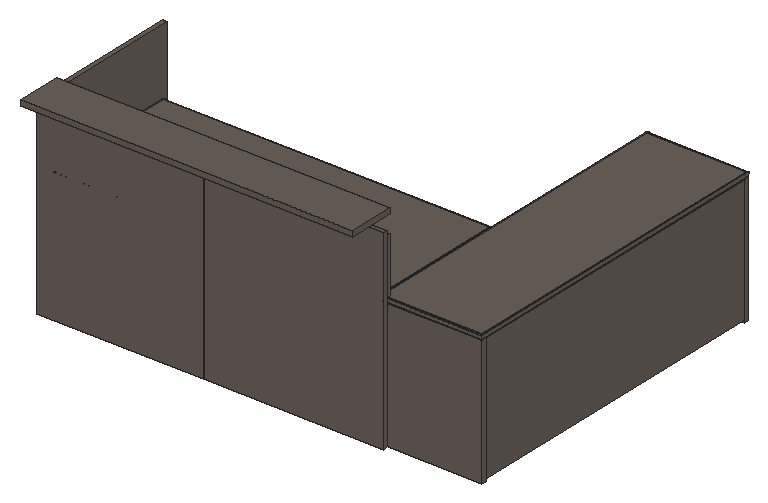
Revit family "OFS TYPICAL T100184", category Furniture, Revit 2022 (continued)
Definition of nested family "STAKS WORKSURFACE HEIGHT MULTI FILE PEDESTAL - NO RISER SUPPORT"
  Forms (in)
    Extrusion 17, solid, material <- "Drawer Handle Material", visible <- "LDL"
      sketch origin (21.66998, -2.56097, 20.23287) x (1, 0, 0) y (0, 1, 0)
        loop
          line (4.05713, 3.18632) -> (4.05713, 2.18632) -> (9.55713, 2.18632) -> (9.55713, 3.18632) -> (9.18213, 3.18632) -> (9.18213, 2.37382) -> (4.43213, 2.37382) -> (4.43213, 3.18632) -> (4.05713, 3.18632)
      from 0.04813 to 0.51713
    Extrusion 18, solid, material <- "Drawer Material", visible <- "LDL"
      sketch origin (24.41461, 28.53949, -8.13862) x (0, 1, 0) y (0, 0, 1)
        loop
          line (-27.91414, 36.01362) -> (-27.91414, 22.51362) -> (-27.16414, 22.51362) -> (-27.16414, 36.01362) -> (-27.91414, 36.01362)
      from -18.375 to -3.5
    Extrusion 19, solid, material <- "Drawer Material", visible <- "LDR"
      sketch origin (46.20051, 28.53949, -5.07681) x (0, 1, 0) y (0, 0, 1)
        loop
          line (-27.91414, 32.95181) -> (-27.91414, 19.45181) -> (-27.16414, 19.45181) -> (-27.16414, 32.95181) -> (-27.91414, 32.95181)
      from -25.1609 to -10.2864
  Dimensions and locks (in)
    "Board Thickness": plane 13 to plane 12
    locked: plane 11 to plane 14 at 0.0625
    "Board Thickness": plane 11 to plane 16
    locked: plane 15 to plane 18 at 0.063
    "Width": plane 11 to plane 18
    Extrusion 6 sketch curve to plane 18 = 0.75"
    "Board Thickness": plane 19 to plane 18
    equal spacing: plane 11, plane 2 "Right", plane 18
    locked: plane 20 to plane 21 at 0.375
    locked: plane 23 to plane 22 at 0.375
    equal spacing: plane 20, plane 2 "Right", plane 22
    "Drawer Handle Width": plane 20 to plane 22
    plane 25 to plane 24 to plane 13 = 0.1875" locked, 0.8125" locked
    "Riser Support": plane 6 to level
    "Height": plane 3 to plane 6
    "DH1": plane 4 to plane 6
    "DH2": plane 26 to plane 4
    locked: plane 30 to plane 6 at 0.25
    "Board Thickness": plane 31 to plane 17
    "Depth": plane 13 to plane 17
    plane 4 to plane 5 to plane 7 to plane 9 = 0.125" locked, 0.25" locked, 0.469" locked
    plane 26 to plane 27 to plane 28 to plane 29 = 0.125" locked, 0.25" locked, 0.469" locked
    plane 3 to plane 8 to plane 10 = 0.25" locked, 0.46875" locked
    "Board Thickness": plane 32 to plane 6
    plane 12 to plane 34 to plane 35 = 3.00" locked, 4.00" locked
    plane 36 to plane 33 to plane 31 = 4.00" locked, 2.50" locked
    locked: plane 34 to plane 37 at 0.625
    locked: plane 36 to plane 38 at 0.625
    locked: plane 39 to plane 3 at 0.125
    plane 40 to plane 2 "Right" to plane 41 = 0.0625" locked, 0.0625" locked
    locked: plane 46 to plane 43 at 0.375
    locked: plane 44 to plane 45 at 0.375
    "Drawer Handle Width 2": plane 44 to plane 43
    locked: plane 51 to plane 48 at 0.375
    locked: plane 49 to plane 50 at 0.375
    "Drawer Handle Width 2": plane 49 to plane 48
    equal spacing: plane 44, plane 42, plane 43
    equal spacing: plane 48, plane 47, plane 49
    equal spacing: plane 14, plane 42, plane 2 "Right"
    equal spacing: plane 2 "Right", plane 47, plane 18
    aligned and locked: level to plane 1
    aligned and locked: Extrusion 1 to plane 14
    aligned and locked: plane 15 to Extrusion 1
    aligned and locked: Extrusion 2 to plane 12
    aligned and locked: plane 13 to Extrusion 2
    aligned and locked: Extrusion 2 to plane 14
    aligned and locked: plane 12 to Extrusion 3
    aligned and locked: Extrusion 3 to plane 17
    aligned and locked: Extrusion 4 to plane 16
    aligned and locked: plane 16 to Extrusion 3
    aligned and locked: Extrusion 3 to plane 11
    aligned and locked: Extrusion 4 to plane 17
    aligned and locked: Extrusion 1 sketch curve to plane 12
    aligned and locked: plane 13 to Extrusion 1 sketch curve
    aligned and locked: plane 19 to Extrusion 4
    aligned and locked: plane 3 to Extrusion 3
    aligned and locked: Extrusion 5 to plane 22
    aligned and locked: plane 23 to Extrusion 5
    aligned and locked: plane 21 to Extrusion 5
    aligned and locked: Extrusion 5 to plane 20
    aligned and locked: plane 7 to Extrusion 5
    aligned and locked: Extrusion 5 to plane 9
    aligned and locked: plane 3 to Extrusion 4
    aligned and locked: plane 27 to Extrusion 2
    aligned and locked: Extrusion 1 to plane 30
    aligned and locked: Extrusion 7 to plane 26
    aligned and locked: plane 3 to Extrusion 7
    aligned and locked: Extrusion 6 to plane 19
    aligned and locked: Extrusion 7 to plane 14
    aligned and locked: plane 3 to Extrusion 6
    aligned and locked: Extrusion 6 to plane 6
    aligned and locked: plane 3 to Extrusion 8
    aligned and locked: Extrusion 8 to plane 10
    aligned and locked: plane 19 to Extrusion 8
    aligned and locked: Extrusion 8 to plane 16
    aligned and locked: Extrusion 8 to plane 33
    aligned and locked: plane 36 to Extrusion 8
    aligned and locked: plane 34 to Extrusion 9
    aligned and locked: Extrusion 9 to plane 35
    aligned and locked: plane 3 to Extrusion 9
    aligned and locked: Extrusion 9 to plane 10
    aligned and locked: plane 32 to Extrusion 10
    aligned and locked: Extrusion 10 to plane 6
    aligned and locked: Extrusion 10 to plane 31
    aligned and locked: plane 12 to Extrusion 10
    aligned and locked: plane 19 to Extrusion 10
    aligned and locked: Extrusion 10 to plane 16
    aligned and locked: Extrusion 11 to plane 3
    aligned and locked: plane 39 to Extrusion 11
    aligned and locked: plane 40 to Extrusion 7
    aligned and locked: plane 40 to Extrusion 2
    aligned and locked: plane 41 to Extrusion 13
    aligned and locked: plane 41 to Extrusion 12
    aligned and locked: Extrusion 13 to plane 26
    aligned and locked: plane 27 to Extrusion 12
    aligned and locked: plane 3 to Extrusion 13
    aligned and locked: Extrusion 12 to plane 4
    aligned and locked: plane 15 to Extrusion 12
    aligned and locked: plane 15 to Extrusion 13
    aligned and locked: Extrusion 14 to plane 45  (x2)
    aligned and locked: plane 44 to Extrusion 14
    aligned and locked: plane 46 to Extrusion 14
    aligned and locked: Extrusion 14 to plane 43
    aligned and locked: Extrusion 14 to plane 24
    aligned and locked: plane 25 to Extrusion 14
    aligned and locked: Extrusion 14 to plane 13  (x2)
    aligned and locked: Extrusion 15 to plane 13  (x2)
    aligned and locked: Extrusion 15 to plane 24
    aligned and locked: plane 25 to Extrusion 15
    aligned and locked: plane 48 to Extrusion 15
    aligned and locked: Extrusion 15 to plane 51
    aligned and locked: Extrusion 15 to plane 49
    aligned and locked: plane 50 to Extrusion 15
    aligned and locked: plane 8 to Extrusion 14
    aligned and locked: plane 8 to Extrusion 15
    aligned and locked: Extrusion 14 to plane 10
    aligned and locked: Extrusion 15 to plane 10
    aligned and locked: Extrusion 16 to plane 13  (x2)
    aligned and locked: Extrusion 17 to plane 13  (x2)
    aligned and locked: Extrusion 17 to plane 24
    aligned and locked: plane 25 to Extrusion 17
    aligned and locked: Extrusion 16 to plane 24
    aligned and locked: plane 25 to Extrusion 16
    aligned and locked: plane 44 to Extrusion 16
    aligned and locked: Extrusion 16 to plane 45
    aligned and locked: plane 46 to Extrusion 16
    aligned and locked: Extrusion 16 to plane 43
    aligned and locked: plane 48 to Extrusion 17
    aligned and locked: Extrusion 17 to plane 51
    aligned and locked: plane 50 to Extrusion 17
    aligned and locked: Extrusion 17 to plane 49
    aligned and locked: plane 28 to Extrusion 16
    aligned and locked: Extrusion 16 to plane 29
    aligned and locked: plane 28 to Extrusion 17
    aligned and locked: Extrusion 17 to plane 29
    aligned and locked: Extrusion 4 to plane 6
    aligned and locked: Extrusion 3 to plane 6
    aligned and locked: Extrusion 18 to plane 14
    aligned and locked: plane 40 to Extrusion 18
    aligned and locked: Extrusion 18 to plane 4
    aligned and locked: plane 41 to Extrusion 19
    aligned and locked: Extrusion 19 to plane 4
    aligned and locked: plane 15 to Extrusion 19
    aligned and locked: plane 3 to Extrusion 19
    aligned and locked: plane 3 to Extrusion 18
    aligned and locked: plane 13 to Extrusion 18
    aligned and locked: plane 13 to Extrusion 19
    aligned and locked: Extrusion 18 to plane 12
    aligned and locked: Extrusion 19 to plane 12
    aligned and locked: plane 12 to Extrusion 11  (x2)
  Automatic sketch dimensions
    Extrusion 1 sketch curve to plane 30 = 0.00"
    Extrusion 1 sketch curve to plane 5 = 0.00"
    Extrusion 2 sketch curve to plane 13 = 0.00"
    Extrusion 2 sketch curve to plane 4 = 0.00"
    Extrusion 2 sketch curve to plane 12 = 0.00"
    Extrusion 2 sketch curve to plane 27 = 0.00"
    Extrusion 3 sketch curve to plane 6 = 0.00"
    Extrusion 3 sketch curve to plane 11 = 0.00"
    Extrusion 3 sketch curve to plane 3 = 0.00"
    Extrusion 3 sketch curve to plane 16 = 0.00"
    Extrusion 4 sketch curve to plane 6 = 0.00"
    Extrusion 4 sketch curve to plane 3 = 0.00"
    Extrusion 4 sketch curve to plane 17 = 0.00"
    plane 31 to Extrusion 4 sketch curve = 0.00"
    plane 13 to Extrusion 5 sketch curve = 0.00"  (x2)
    Extrusion 5 sketch curve to plane 20 = 0.00"
    Extrusion 5 sketch curve to plane 21 = 0.00"
    Extrusion 5 sketch curve to plane 23 = 0.00"
    Extrusion 5 sketch curve to plane 22 = 0.00"
    plane 25 to Extrusion 5 sketch curve = 0.00"
    plane 24 to Extrusion 5 sketch curve = 0.00"
    plane 12 to Extrusion 6 sketch curve = 0.00"
    Extrusion 6 sketch curve to plane 18 = 0.00"
    plane 17 to Extrusion 6 sketch curve = 0.00"
    Extrusion 7 sketch curve to plane 3 = 0.00"
    Extrusion 7 sketch curve to plane 13 = 0.00"
    Extrusion 7 sketch curve to plane 12 = 0.00"
    Extrusion 7 sketch curve to plane 26 = 0.00"
    Extrusion 8 sketch curve to plane 10 = 0.00"
    Extrusion 8 sketch curve to plane 16 = 0.00"
    Extrusion 8 sketch curve to plane 3 = 0.00"
    Extrusion 8 sketch curve to plane 19 = 0.00"
    Extrusion 9 sketch curve to plane 10 = 0.00"
    Extrusion 9 sketch curve to plane 16 = 0.00"
    Extrusion 9 sketch curve to plane 3 = 0.00"
    Extrusion 9 sketch curve to plane 19 = 0.00"
    Extrusion 10 sketch curve to plane 6 = 0.00"
    Extrusion 10 sketch curve to plane 16 = 0.00"
    Extrusion 10 sketch curve to plane 19 = 0.00"
    Extrusion 10 sketch curve to plane 32 = 0.00"
    Extrusion 11 sketch curve to plane 14 = 0.00"
    Extrusion 11 sketch curve to plane 16 = 0.00"  (x3)
    Extrusion 11 sketch curve to plane 19 = 0.00"  (x3)
    plane 17 to Extrusion 11 sketch curve = 0.00"  (x2)
    Extrusion 11 sketch curve to plane 13 = 0.75"  (x2)
    Extrusion 11 sketch curve to plane 15 = 0.00"
    plane 34 to Extrusion 11 sketch curve = 0.00"
    plane 37 to Extrusion 11 sketch curve = 0.00"
    plane 36 to Extrusion 11 sketch curve = 0.00"
    plane 38 to Extrusion 11 sketch curve = 0.00"
    Extrusion 12 sketch curve to plane 13 = 0.00"
    plane 4 to Extrusion 12 sketch curve = 0.00"
    Extrusion 12 sketch curve to plane 12 = 0.00"
    plane 27 to Extrusion 12 sketch curve = 0.00"
    plane 3 to Extrusion 13 sketch curve = 0.00"
    Extrusion 13 sketch curve to plane 13 = 0.00"
    Extrusion 13 sketch curve to plane 12 = 0.00"
    plane 26 to Extrusion 13 sketch curve = 0.00"
    plane 13 to Extrusion 14 sketch curve = 0.00"  (x2)
    Extrusion 14 sketch curve to plane 44 = 0.00"
    Extrusion 14 sketch curve to plane 45 = 0.00"
    plane 24 to Extrusion 14 sketch curve = 0.00"
    Extrusion 14 sketch curve to plane 46 = 0.00"
    Extrusion 14 sketch curve to plane 43 = 0.00"
    plane 25 to Extrusion 14 sketch curve = 0.00"
    plane 13 to Extrusion 15 sketch curve = 0.00"  (x2)
    Extrusion 15 sketch curve to plane 48 = 0.00"
    Extrusion 15 sketch curve to plane 51 = 0.00"
    plane 24 to Extrusion 15 sketch curve = 0.00"
    Extrusion 15 sketch curve to plane 50 = 0.00"
    Extrusion 15 sketch curve to plane 49 = 0.00"
    plane 25 to Extrusion 15 sketch curve = 0.00"
    plane 13 to Extrusion 16 sketch curve = 0.00"  (x2)
    Extrusion 16 sketch curve to plane 44 = 0.00"
    Extrusion 16 sketch curve to plane 45 = 0.00"
    plane 24 to Extrusion 16 sketch curve = 0.00"
    Extrusion 16 sketch curve to plane 46 = 0.00"
    Extrusion 16 sketch curve to plane 43 = 0.00"
    plane 25 to Extrusion 16 sketch curve = 0.00"
    plane 13 to Extrusion 17 sketch curve = 0.00"  (x2)
    Extrusion 17 sketch curve to plane 48 = 0.00"
    Extrusion 17 sketch curve to plane 51 = 0.00"
    plane 24 to Extrusion 17 sketch curve = 0.00"
    Extrusion 17 sketch curve to plane 50 = 0.00"
    Extrusion 17 sketch curve to plane 49 = 0.00"
    plane 25 to Extrusion 17 sketch curve = 0.00"
    plane 36 to Extrusion 18 sketch curve = 12.125"
    plane 4 to Extrusion 18 sketch curve = 0.00"
    Extrusion 18 sketch curve to Extrusion 18 sketch curve = 0.75"
    plane 26 to Extrusion 18 sketch curve = 6.75"
    plane 36 to Extrusion 19 sketch curve = 12.125"
    Extrusion 19 sketch curve to plane 29 = 5.906"
    Extrusion 19 sketch curve to Extrusion 19 sketch curve = 0.75"
    plane 10 to Extrusion 19 sketch curve = 0.71875"
Definition of nested family "STAKS SPINE OR DIVIDER WALL 42in"
  Parameters (values of type "STAKS SPINE OR DIVIDER WALL 42in X 24in")
    URL = "http://www.ofs.com/"
    Height Above Floor [instance] = 42.00"
    Height = 42.00"
    Depth = 1.00"
    Model = "6-PAN-42/24"
    Manufacturer = "OFS"
    Description = "OFS STAKS SPINE OR DIVIDER WALL 42\" Height x 24\" Width, Levelers allow 2.5\" Height Adjustability for Uneven Floor"
    Width = 24.00"
    Default Elevation = 0.00"
    Copyright © = "© 2018 OFS"
    Catalog = "https://ofs.com/products/casegoods/private-office/staks"
    Authoring Version = "Autodesk Revit Architecture 2013"
    Assembly Code = "E2020200"
  Types (19): name | Model | Description | Width
    STAKS SPINE OR DIVIDER WALL 42in X 24in | "6-PAN-42/24" | "OFS STAKS SPINE OR DIVIDER WALL 42\" Height x 24\" Width, Levelers allow 2.5\" Height Adjustability for Uneven Floor" | 24.00"
    STAKS SPINE OR DIVIDER WALL 42in X 33in | "6-PAN-42/33" | "OFS STAKS SPINE OR DIVIDER WALL 42\" Height x 33\" Width, Levelers allow 2.5\" Height Adjustability for Uneven Floor" | 33.00"
    STAKS SPINE OR DIVIDER WALL 42in X 26in | "6-PAN-42/26" | "OFS STAKS SPINE OR DIVIDER WALL 42\" Height x 26\" Width, Levelers allow 2.5\" Height Adjustability for Uneven Floor" | 26.00"
    STAKS SPINE OR DIVIDER WALL 42in X 30in | "6-PAN-42/30" | "OFS STAKS SPINE OR DIVIDER WALL 42\" Height x 30\" Width, Levelers allow 2.5\" Height Adjustability for Uneven Floor" | 30.00"
    STAKS SPINE OR DIVIDER WALL 42in X 36in | "6-PAN-42/36" | "OFS STAKS SPINE OR DIVIDER WALL 42\" Height x 36\" Width, Levelers allow 2.5\" Height Adjustability for Uneven Floor" | 36.00"
    STAKS SPINE OR DIVIDER WALL 42in X 37in | "6-PAN-42/37" | "OFS STAKS SPINE OR DIVIDER WALL 42\" Height x 37\" Width, Levelers allow 2.5\" Height Adjustability for Uneven Floor" | 37.00"
    STAKS SPINE OR DIVIDER WALL 42in X 39in | "6-PAN-42/39" | "OFS STAKS SPINE OR DIVIDER WALL 42\" Height x 39\" Width, Levelers allow 2.5\" Height Adjustability for Uneven Floor" | 39.00"
    STAKS SPINE OR DIVIDER WALL 42in X 40in | "6-PAN-42/40" | "OFS STAKS SPINE OR DIVIDER WALL 42\" Height x 40\" Width, Levelers allow 2.5\" Height Adjustability for Uneven Floor" | 40.00"
    STAKS SPINE OR DIVIDER WALL 42in X 42in | "6-PAN-42/42" | "OFS STAKS SPINE OR DIVIDER WALL 42\" Height x 42\" Width, Levelers allow 2.5\" Height Adjustability for Uneven Floor" | 42.00"
    STAKS SPINE OR DIVIDER WALL 42in X 44in | "6-PAN-42/44" | "OFS STAKS SPINE OR DIVIDER WALL 42\" Height x 44\" Width, Levelers allow 2.5\" Height Adjustability for Uneven Floor" | 44.00"
    STAKS SPINE OR DIVIDER WALL 42in X 45in | "6-PAN-42/45" | "OFS STAKS SPINE OR DIVIDER WALL 42\" Height x 45\" Width, Levelers allow 2.5\" Height Adjustability for Uneven Floor" | 45.00"
    STAKS SPINE OR DIVIDER WALL 42in X 47in | "6-PAN-42/47" | "OFS STAKS SPINE OR DIVIDER WALL 42\" Height x 47\" Width, Levelers allow 2.5\" Height Adjustability for Uneven Floor" | 47.00"
    STAKS SPINE OR DIVIDER WALL 42in X 48in | "6-PAN-42/48" | "OFS STAKS SPINE OR DIVIDER WALL 42\" Height x 48\" Width, Levelers allow 2.5\" Height Adjustability for Uneven Floor" | 48.00"
    STAKS SPINE OR DIVIDER WALL 42in X 49in | "6-PAN-42/49" | "OFS STAKS SPINE OR DIVIDER WALL 42\" Height x 49\" Width, Levelers allow 2.5\" Height Adjustability for Uneven Floor" | 49.00"
    STAKS SPINE OR DIVIDER WALL 42in X 52in | "6-PAN-42/52" | "OFS STAKS SPINE OR DIVIDER WALL 42\" Height x 52\" Width, Levelers allow 2.5\" Height Adjustability for Uneven Floor" | 52.00"
    STAKS SPINE OR DIVIDER WALL 42in X 54in | "6-PAN-42/54" | "OFS STAKS SPINE OR DIVIDER WALL 42\" Height x 54\" Width, Levelers allow 2.5\" Height Adjustability for Uneven Floor" | 54.00"
    STAKS SPINE OR DIVIDER WALL 42in X 56in | "6-PAN-42/56" | "OFS STAKS SPINE OR DIVIDER WALL 42\" Height x 56\" Width, Levelers allow 2.5\" Height Adjustability for Uneven Floor" | 56.00"
    STAKS SPINE OR DIVIDER WALL 42in X 58in | "6-PAN-42/58" | "OFS STAKS SPINE OR DIVIDER WALL 42\" Height x 58\" Width, Levelers allow 2.5\" Height Adjustability for Uneven Floor" | 58.00"
    STAKS SPINE OR DIVIDER WALL 42in X 59in | "6-PAN-42/59" | "OFS STAKS SPINE OR DIVIDER WALL 42\" Height x 59\" Width, Levelers allow 2.5\" Height Adjustability for Uneven Floor" | 59.00"
  Reference planes (in)
    plane 1: z = -0.125
    plane 2 "LEFT": x = 7.55498
    plane 3 "RIGHT": x = 31.55498
    plane 4 "BACK": y = -1.83365
    plane 5 "FRONT": y = -2.83365
    plane 6: x = 7.67998
    plane 7: x = 31.42998
    plane 8: y = -1.95865
    plane 9: y = -2.70865
    plane 10: z = -0.125
    plane 11 "SURFACE TOP": z = 41.875
  Forms (in)
    Extrusion 1, solid
      sketch origin (0, 0, 17.125) x (-1, 0, 0) y (0, -1, 0)
        loop
          line (-7.55498, 1.83365) -> (-7.55498, 2.83365) -> (-31.55498, 2.83365) -> (-31.55498, 1.83365) -> (-7.55498, 1.83365)
      from 24.75 to -17.25
  Lines and regions (in)
    symbolic lines
      curve 1: line (7.55498, -1.83365, 41.875) -> (31.55498, -1.83365, 41.875)
      curve 2: line (7.55498, -2.83365, 41.875) -> (7.55498, -1.83365, 41.875)
      curve 3: line (31.55498, -2.83365, 41.875) -> (7.55498, -2.83365, 41.875)
      curve 4: line (31.55498, -1.83365, 41.875) -> (31.55498, -2.83365, 41.875)
  Dimensions and locks (in)
    "Depth": plane 4 "BACK" to plane 5 "FRONT"
    "Width": plane 2 "LEFT" to plane 3 "RIGHT"
    "Height": plane 11 "SURFACE TOP" to plane 10
    locked: plane 4 "BACK" to plane 8 at 0.125
    locked: plane 2 "LEFT" to plane 6 at 0.125
    locked: plane 7 to plane 3 "RIGHT" at 0.125
    locked: plane 9 to plane 5 "FRONT" at 0.125
    "Height Above Floor": plane 11 "SURFACE TOP" to level
    aligned: level to plane 1
    aligned and locked: plane 11 "SURFACE TOP" to Extrusion 1
    aligned and locked: Extrusion 1 to plane 10
    aligned and locked: plane 4 "BACK" to Extrusion 1 sketch curve
    aligned and locked: Extrusion 1 sketch curve to plane 2 "LEFT"
    aligned and locked: Extrusion 1 sketch curve to plane 5 "FRONT"
    aligned and locked: plane 3 "RIGHT" to Extrusion 1 sketch curve
    aligned and locked: curve 1 to Extrusion 1
    aligned and locked: curve 2 to Extrusion 1
    aligned and locked: curve 3 to Extrusion 1
    aligned and locked: curve 4 to Extrusion 1
Definition of nested family "STAKS TRANSACTION SHELF"
  Parameters (values of type "STAKS TRANSACTION SHELF 30in")
    Width = 30.00"
    URL = "http://www.ofs.com/"
    Model = "6-TRS-30/10"
    Manufacturer = "OFS"
    Height From Floor = 48.625"
    Height = 1.125"
    Description = "OFS STAKS TRANSACTION SHELF 30\" Width, to Provide a Quick Transition to Reception Applications"
    Depth = 10.00"
    Default Elevation = 0.00"
    Copyright © = "© 2018 OFS"
    Catalog = "https://ofs.com/products/casegoods/private-office/staks"
    Shelf Material = none
    Authoring Version = "Autodesk Revit Architecture 2013"
    Assembly Code = "E2020200"
  Types (11): name | Width | Model | Description
    STAKS TRANSACTION SHELF 30in | 30.00" | "6-TRS-30/10" | "OFS STAKS TRANSACTION SHELF 30\" Width, to Provide a Quick Transition to Reception Applications"
    STAKS TRANSACTION SHELF 36in | 36.00" | "6-TRS-36/10" | "OFS STAKS TRANSACTION SHELF 36\" Width, to Provide a Quick Transition to Reception Applications"
    STAKS TRANSACTION SHELF 42in | 42.00" | "6-TRS-42/10" | "OFS STAKS TRANSACTION SHELF 42\" Width, to Provide a Quick Transition to Reception Applications"
    STAKS TRANSACTION SHELF 46in | 46.00" | "6-TRS-46/10" | "OFS STAKS TRANSACTION SHELF 46\" Width, to Provide a Quick Transition to Reception Applications"
    STAKS TRANSACTION SHELF 48in | 48.00" | "6-TRS-48/10" | "OFS STAKS TRANSACTION SHELF 48\" Width, to Provide a Quick Transition to Reception Applications"
    STAKS TRANSACTION SHELF 54in | 54.00" | "6-TRS-54/10" | "OFS STAKS TRANSACTION SHELF 54\" Width, to Provide a Quick Transition to Reception Applications"
    STAKS TRANSACTION SHELF 60in | 60.00" | "6-TRS-60/10" | "OFS STAKS TRANSACTION SHELF 60\" Width, to Provide a Quick Transition to Reception Applications"
    STAKS TRANSACTION SHELF 66in | 66.00" | "6-TRS-66/10" | "OFS STAKS TRANSACTION SHELF 66\" Width, to Provide a Quick Transition to Reception Applications"
    STAKS TRANSACTION SHELF 72in | 72.00" | "6-TRS-72/10" | "OFS STAKS TRANSACTION SHELF 72\" Width, to Provide a Quick Transition to Reception Applications"
    STAKS TRANSACTION SHELF 78in | 78.00" | "6-TRS-78/10" | "OFS STAKS TRANSACTION SHELF 78\" Width, to Provide a Quick Transition to Reception Applications"
    STAKS TRANSACTION SHELF 84in | 84.00" | "6-TRS-84/10" | "OFS STAKS TRANSACTION SHELF 84\" Width, to Provide a Quick Transition to Reception Applications"
  Reference planes (in)
    plane 1: z = 0
    plane 2 "Center (Front/Back)": y = -2.12465
    plane 3 "LEFT": x = -31.5
    plane 4 "BASE TOP": z = 48.625
    plane 5 "RIGHT": x = -1.5
    plane 6: z = 47.5
    plane 7: y = 2.87535
    plane 8 "CENTER": x = -16.5
    plane 9: y = -7.12465
  Forms (in)
    Extrusion 1, solid, material <- "Shelf Material"
      sketch origin (0, -2.12465, 0) x (1, 0, 0) y (0, 0, 1)
        loop
          line (-31.5, 48.625) -> (-31.5, 47.5) -> (-1.5, 47.5) -> (-1.5, 48.625) -> (-31.5, 48.625)
      from -5 to 5
  Dimensions and locks (in)
    "Height From Floor": plane 4 "BASE TOP" to plane 1
    "Height": plane 4 "BASE TOP" to plane 6
    equal spacing: plane 3 "LEFT", plane 8 "CENTER", plane 5 "RIGHT"
    equal spacing: plane 9, plane 2 "Center (Front/Back)", plane 7
    "Width": plane 3 "LEFT" to plane 5 "RIGHT"
    "Depth": plane 9 to plane 7
    aligned and locked: level to plane 1
    aligned and locked: Extrusion 1 sketch curve to plane 4 "BASE TOP"
    aligned and locked: plane 3 "LEFT" to Extrusion 1 sketch curve
    aligned and locked: Extrusion 1 sketch curve to plane 6
    aligned and locked: Extrusion 1 sketch curve to plane 5 "RIGHT"
    aligned and locked: Extrusion 1 to plane 7
    aligned and locked: plane 9 to Extrusion 1
Definition of nested family "STAKS BENCHING 4 X 4 CLAMP PLATE"
  Parameters (values of type "STAKS BENCHING 4 X 4 CLAMP PLATE")
    Width = 4.00"
    URL = "http://www.ofs.com/"
    Model = "CP-1"
    Manufacturer = "OFS"
    Height From Floor = 27.875"
    Height = 0.125"
    Description = "OFS STAKS BENCHING 4 X 4 CLAMP PLATE, Adjoins Two Worksurfaces at Seam on Underneath Side of Worksurface"
    Depth = 4.00"
    Default Elevation = 0.00"
    Copyright © = "© 2018 OFS"
    Catalog = "https://ofs.com/products/open-plan/benching/staks"
    Bracket Material = none
    Authoring Version = "Autodesk Revit Architecture 2013"
    Assembly Code = "E2020200"
  Reference planes (in)
    plane 1: z = 0
    plane 2 "Center (Front/Back)": y = 2.0316
    plane 3 "LEFT": x = -18.5
    plane 4 "BASE TOP": z = 27.875
    plane 5 "RIGHT": x = -14.5
    plane 6: z = 27.75
    plane 7: y = 4.0316
    plane 8 "CENTER": x = -16.5
    plane 9: y = 0.0316
  Forms (in)
    Extrusion 1, solid
      sketch origin (0, 0, 0) x (1, 0, 0) y (0, 1, 0)
        loop
          arc (-18.25, 4.0316) -> (-18.42678, 3.95838) -> (-18.5, 3.7816) r 0.25
          line (-18.5, 3.7816) -> (-18.5, 0.2816)
          arc (-18.5, 0.2816) -> (-18.42678, 0.10482) -> (-18.25, 0.0316) r 0.25
          line (-18.25, 0.0316) -> (-14.75, 0.0316)
          arc (-14.75, 0.0316) -> (-14.57322, 0.10482) -> (-14.5, 0.2816) r 0.25
          line (-14.5, 0.2816) -> (-14.5, 3.7816)
          arc (-14.5, 3.7816) -> (-14.57322, 3.95838) -> (-14.75, 4.0316) r 0.25
          line (-14.75, 4.0316) -> (-18.25, 4.0316)
        loop
          circle (-18.1778, 3.7094) r 0.09375
        loop
          circle (-17.73948, 3.27108) r 0.09375
        loop
          circle (-18.1778, 0.35379) r 0.09375
        loop
          circle (-17.73948, 0.79212) r 0.09375
        loop
          circle (-14.8222, 0.35379) r 0.09375
        loop
          circle (-15.26052, 0.79212) r 0.09375
        loop
          circle (-14.8222, 3.7094) r 0.09375
        loop
          circle (-15.26052, 3.27108) r 0.09375
      from 27.75 to 27.875
  Dimensions and locks (in)
    "Height From Floor": plane 4 "BASE TOP" to plane 1
    "Height": plane 4 "BASE TOP" to plane 6
    equal spacing: plane 3 "LEFT", plane 8 "CENTER", plane 5 "RIGHT"
    equal spacing: plane 9, plane 2 "Center (Front/Back)", plane 7
    "Width": plane 3 "LEFT" to plane 5 "RIGHT"
    "Depth": plane 9 to plane 7
    aligned and locked: level to plane 1
    aligned and locked: plane 7 to Extrusion 1 sketch curve
    aligned and locked: plane 3 "LEFT" to Extrusion 1 sketch curve
    aligned and locked: Extrusion 1 sketch curve to plane 9
    aligned and locked: Extrusion 1 sketch curve to plane 5 "RIGHT"
    aligned and locked: Extrusion 1 to plane 4 "BASE TOP"
    aligned and locked: plane 6 to Extrusion 1
  Automatic sketch dimensions
    plane 3 "LEFT" to Extrusion 1 sketch curve = 0.25"  (x2)
    Extrusion 1 sketch curve to plane 9 = 0.25"
    Extrusion 1 sketch curve to plane 5 "RIGHT" = 0.25"
    Extrusion 1 sketch curve to Extrusion 1 sketch curve = 0.0722"  (x8)
    Extrusion 1 sketch curve to Extrusion 1 sketch curve = 0.43833"  (x4)
    Extrusion 1 sketch curve to Extrusion 1 sketch curve = 0.51052"  (x4)
    radius of Extrusion 1 sketch curve = 0.09375"  (x8)
Definition of nested family "STAKS FABRIC TACKBOARD FOR SPINE OR DIVIDER WALL"
  Parameters (values of type "STAKS FABRIC TACKBOARD FOR SPINE OR DIVIDER WALL 18H x 49-73.9375W.")
    URL = "http://www.ofs.com/"
    Staks Fabric Tackboard = none
    Height Above Floor [instance] = 47.50"
    Height = 18.00"
    Depth = 0.50"
    Model = "FT30E"
    Manufacturer = "OFS"
    Description = "OFS STAKS FABRIC TACKBOARD FOR SPINE OR DIVIDER WALL 18\" Height X 49\" - 73.9375\" Width, Any Width in 1/8\" Increments available within Ranges Shown"
    Width = 72.00"
    Default Elevation = 0.00"
    Copyright © = "© 2018 OFS"
    Catalog = "https://ofs.com/products/casegoods/private-office/staks"
    Authoring Version = "Autodesk Revit Architecture 2013"
    Assembly Code = "E2020200"
  Reference planes (in)
    plane 1: z = -0.125
    plane 2 "LEFT": x = 7.55498
    plane 3 "RIGHT": x = 79.55498
    plane 4 "BACK": y = -1.83365
    plane 5 "FRONT": y = -2.33365
    plane 6: x = 7.67998
    plane 7: x = 79.42998
    plane 8: y = -1.95865
    plane 9: y = -2.20865
    plane 10: z = 29.375
    plane 11 "SURFACE TOP": z = 47.375
  Forms (in)
    Extrusion 1, solid, material <- "Staks Fabric Tackboard"
      sketch origin (0, 0, 17.125) x (-1, 0, 0) y (0, -1, 0)
        loop
          line (-7.55498, 1.83365) -> (-7.55498, 2.33365) -> (-79.55498, 2.33365) -> (-79.55498, 1.83365) -> (-7.55498, 1.83365)
      from 30.25 to 12.25
  Dimensions and locks (in)
    "Depth": plane 4 "BACK" to plane 5 "FRONT"
    "Width": plane 2 "LEFT" to plane 3 "RIGHT"
    "Height": plane 11 "SURFACE TOP" to plane 10
    locked: plane 4 "BACK" to plane 8 at 0.125
    locked: plane 2 "LEFT" to plane 6 at 0.125
    locked: plane 7 to plane 3 "RIGHT" at 0.125
    locked: plane 9 to plane 5 "FRONT" at 0.125
    "Height Above Floor": plane 11 "SURFACE TOP" to level
    aligned: level to plane 1
    aligned and locked: plane 11 "SURFACE TOP" to Extrusion 1
    aligned and locked: Extrusion 1 to plane 10
    aligned and locked: plane 4 "BACK" to Extrusion 1 sketch curve
    aligned and locked: Extrusion 1 sketch curve to plane 2 "LEFT"
    aligned and locked: Extrusion 1 sketch curve to plane 5 "FRONT"
    aligned and locked: plane 3 "RIGHT" to Extrusion 1 sketch curve
Definition of nested family "STAKS BENCHING CANTILEVER WORKSURFACE BRACKET - OPEN"
  Parameters (values of type "STAKS CANTILEVER WORKSURFACE BRACKET - OPEN 36in")
    Width = 1.50"
    URL = "http://www.ofs.com/"
    Model = "OWSBKT36"
    Manufacturer = "OFS"
    Height From Floor = 27.875"
    Height = 7.00"
    Description = "OFS STAKS BENCHING CANTILEVER WORKSURFACE BRACKET - Open Cantilever Worksurface Bracket for 36\"W Top"
    Depth = 28.00"
    Default Elevation = 0.00"
    Copyright © = "© 2018 OFS"
    Catalog = "https://ofs.com/products/open-plan/benching/staks"
    Bracket Material = none
    Authoring Version = "Autodesk Revit Architecture 2013"
    Assembly Code = "E2020200"
    Alpha = 1.00"
  Types (4): name | URL | Model | Manufacturer | Description | Depth | Copyright © | Catalog | Alpha
    CANTILEVER WORKSURFACE BRACKET - OPEN 14in | "http://www.ofsbrands.com/" | "OWSBKT14" | "FIRST OFFICE" | "OFS BRANDS FIRST OFFICE STAKS BENCHING CANTILEVER WORKSURFACE BRACKET - Open Cantilever Worksurface Bracket for 14\"W Top" | 11.00" | "© 2018 OFS BRANDS" | "http://www.firstoffice.com/products/crossover/staks_benching/" | 0.50"
    CANTILEVER WORKSURFACE BRACKET - OPEN 22in | "http://www.ofsbrands.com/" | "OWSBKT22" | "FIRST OFFICE" | "OFS BRANDS FIRST OFFICE STAKS BENCHING CANTILEVER WORKSURFACE BRACKET - Open Cantilever Worksurface Bracket for 22\"W Top" | 16.00" | "© 2018 OFS BRANDS" | "http://www.firstoffice.com/products/crossover/staks_benching/" | 0.625"
    CANTILEVER WORKSURFACE BRACKET - OPEN 30in | "http://www.ofsbrands.com/" | "OWSBKT30" | "FIRST OFFICE" | "OFS BRANDS FIRST OFFICE STAKS BENCHING CANTILEVER WORKSURFACE BRACKET - Open Cantilever Worksurface Bracket for 30\"W Top" | 22.00" | "© 2018 OFS BRANDS" | "http://www.firstoffice.com/products/crossover/staks_benching/" | 0.875"
    STAKS CANTILEVER WORKSURFACE BRACKET - OPEN 36in | "http://www.ofs.com/" | "OWSBKT36" | "OFS" | "OFS STAKS BENCHING CANTILEVER WORKSURFACE BRACKET - Open Cantilever Worksurface Bracket for 36\"W Top" | 28.00" | "© 2018 OFS" | "https://ofs.com/products/open-plan/benching/staks" | 1.00"
  Reference planes (in)
    plane 1: z = 0
    plane 2 "Center (Front/Back)": y = -11.12465
    plane 3 "LEFT": x = -17.25
    plane 4 "BASE TOP": z = 27.875
    plane 5 "RIGHT": x = -15.75
    plane 6: z = 20.875
    plane 7: y = 2.87535
    plane 8 "CENTER": x = -16.5
    plane 9: y = -25.12465
    plane 10: z = 25.875
    plane 11: y = 0.87535
    plane 12: z = 21.375
    plane 13: y = -24.62465
    plane 14: x = -16.375
    plane 15: x = -16.625
    plane 16: y = -23.62465
  Forms (in)
    Extrusion 1, solid, material <- "Bracket Material"
      sketch origin (-16.5, 0, 0) x (0, 1, 0) y (0, 0, 1)
        loop
          line (-25.12465, 27.875) -> (-25.12465, 27.82031) -> (0.8527, 27.82031) -> (2.82066, 25.85235) -> (2.82066, 20.875) -> (2.87535, 20.875) -> (2.87535, 25.875) -> (0.87535, 27.875) -> (-25.12465, 27.875)
      from -0.75 to 0.75
    Extrusion 2, solid
      sketch origin (-16.5, 0, 0) x (0, 1, 0) y (0, 0, 1)
        loop
          line (2.82066, 21.375) -> (2.82066, 21.66876) -> (-23.62465, 27.82031) -> (-24.62465, 27.82031) -> (2.82066, 21.375)
      from -0.125 to 0.125
    Extrusion 3, void
      sketch origin (0, -11.12465, 0) x (1, 0, 0) y (0, 0, 1)
        loop
          circle (-16.99183, 23.37543) r 0.09375
        loop
          circle (-16.99183, 25.56923) r 0.09375
        loop
          circle (-16.99183, 21.18077) r 0.09375
        loop
          line (-16.10192, 24.58008) -> (-16.10192, 24.41381)
          arc (-16.10192, 24.41381) -> (-16.00817, 24.32006) -> (-15.91442, 24.41381) r 0.09375
          line (-15.91442, 24.41381) -> (-15.91442, 24.58008)
          arc (-15.91442, 24.58008) -> (-16.00817, 24.67383) -> (-16.10192, 24.58008) r 0.09375
        loop
          arc (-16.10192, 22.16992) -> (-16.00817, 22.07617) -> (-15.91442, 22.16992) r 0.09375
          line (-15.91442, 22.16992) -> (-15.91442, 22.33619)
          arc (-15.91442, 22.33619) -> (-16.00817, 22.42994) -> (-16.10192, 22.33619) r 0.09375
          line (-16.10192, 22.33619) -> (-16.10192, 22.16992)
      from -14 to -3.47735
    Extrusion 4, void
      sketch origin (0, 0, 0) x (1, 0, 0) y (0, 1, 0)
        loop
          circle (-16.93617, 0.25038) r 0.09375
        loop
          circle (-16.06383, -1.74962) r 0.09375
        loop
          circle (-16.93617, -3.74962) r 0.09375
        loop
          circle (-16.06383, -5.74962) r 0.09375
        loop
          circle (-16.93617, -7.74962) r 0.09375
        loop
          circle (-16.06383, -9.74962) r 0.09375
        loop
          circle (-16.93617, -11.74962) r 0.09375
        loop
          circle (-16.06383, -13.74962) r 0.09375
        loop
          circle (-16.93617, -15.74962) r 0.09375
        loop
          circle (-16.06383, -17.74962) r 0.09375
        loop
          circle (-16.93617, -19.74962) r 0.09375
        loop
          circle (-16.06383, -21.74962) r 0.09375
        loop
          circle (-16.93617, -23.74962) r 0.09375
        loop
          circle (-16.06383, -25.74962) r 0.09375
        loop
          circle (-16.93617, -27.74962) r 0.09375
        loop
          circle (-16.06383, -29.74962) r 0.09375
      from 25.0365 to 29.23009
    Extrusion 5, void, not visible
      sketch origin (0, 0, 0) x (1, 0, 0) y (0, 1, 0)
        loop
          circle (-16.93617, 0.25038) r 0.09375
        loop
          circle (-16.06383, -1.74962) r 0.09375
        loop
          circle (-16.93617, -3.74962) r 0.09375
        loop
          circle (-16.06383, -5.74962) r 0.09375
        loop
          circle (-16.93617, -7.74962) r 0.09375
        loop
          circle (-16.06383, -9.74962) r 0.09375
        loop
          circle (-16.93617, -11.74962) r 0.09375
        loop
          circle (-16.06383, -13.74962) r 0.09375
        loop
          circle (-16.93617, -15.74962) r 0.09375
        loop
          circle (-16.06383, -17.74962) r 0.09375
        loop
          circle (-16.93617, -19.74962) r 0.09375
        loop
          circle (-16.06383, -21.74962) r 0.09375
        loop
          circle (-16.93617, -23.74962) r 0.09375
        loop
          circle (-16.06383, -25.74962) r 0.09375
        loop
          circle (-16.93617, -27.74962) r 0.09375
        loop
          circle (-16.06383, -29.74962) r 0.09375
      from 25.0365 to 29.23009
  Cuts and joins
    Extrusion 3, Extrusion 4 cuts Extrusion 1
  Dimensions and locks (in)
    "Height From Floor": plane 4 "BASE TOP" to plane 1
    "Height": plane 4 "BASE TOP" to plane 6
    equal spacing: plane 3 "LEFT", plane 8 "CENTER", plane 5 "RIGHT"
    equal spacing: plane 9, plane 2 "Center (Front/Back)", plane 7
    "Width": plane 3 "LEFT" to plane 5 "RIGHT"
    "Depth": plane 9 to plane 7
    locked: plane 4 "BASE TOP" to plane 10 at 2
    locked: plane 7 to plane 11 at 2
    locked: plane 13 to plane 9 at 0.5
    locked: plane 6 to plane 12 at 0.5
    plane 14 to plane 8 "CENTER" to plane 15 = 0.125" locked, 0.125" locked
    "Alpha": plane 16 to plane 13
    aligned and locked: level to plane 1
    aligned and locked: Extrusion 1 sketch curve to plane 4 "BASE TOP"
    aligned and locked: plane 7 to Extrusion 1 sketch curve
    aligned and locked: plane 9 to Extrusion 1 sketch curve
    aligned and locked: plane 6 to Extrusion 1 sketch curve
    aligned and locked: Extrusion 1 to plane 3 "LEFT"
    aligned and locked: plane 5 "RIGHT" to Extrusion 1
    aligned and locked: Extrusion 2 sketch curve to Extrusion 1
    aligned and locked: plane 15 to Extrusion 2
    aligned and locked: plane 14 to Extrusion 2
    aligned and locked: Extrusion 1 to Extrusion 2 sketch curve
    aligned and locked: Extrusion 3 to plane 7
  Automatic sketch dimensions
    plane 7 to Extrusion 1 sketch curve = 0.05469"
    Extrusion 1 sketch curve to plane 11 = 0.00"
    plane 10 to Extrusion 1 sketch curve = 0.00"
    plane 11 to Extrusion 1 sketch curve = 0.02265"
    plane 10 to Extrusion 1 sketch curve = 0.02265"
    plane 4 "BASE TOP" to Extrusion 1 sketch curve = 0.05469"
    Extrusion 2 sketch curve to plane 13 = 0.00"
    plane 12 to Extrusion 2 sketch curve = 0.00"
    Extrusion 2 sketch curve to plane 16 = 0.00"
    Extrusion 2 sketch curve to Extrusion 2 sketch curve = 0.29376"
    plane 14 to Extrusion 3 sketch curve = 0.27308"
    Extrusion 3 sketch curve to plane 5 "RIGHT" = 0.16442"  (x2)
    Extrusion 3 sketch curve to plane 12 = 0.79492"
    Extrusion 3 sketch curve to Extrusion 3 sketch curve = 0.1875"
    plane 3 "LEFT" to Extrusion 3 sketch curve = 0.25817"  (x3)
    Extrusion 3 sketch curve to Extrusion 3 sketch curve = 0.16626"  (x2)
    plane 10 to Extrusion 3 sketch curve = 1.46119"
    plane 12 to Extrusion 3 sketch curve = 0.19423"
    Extrusion 3 sketch curve to Extrusion 3 sketch curve = 1.03838"
    plane 10 to Extrusion 3 sketch curve = 0.30577"
    Extrusion 4 sketch curve to Extrusion 4 sketch curve = 2.00"  (x15)
    Extrusion 4 sketch curve to Extrusion 4 sketch curve = 0.00"  (x7)
    Extrusion 4 sketch curve to Extrusion 4 sketch curve = 0.87233"  (x8)
    Extrusion 5 sketch curve to Extrusion 5 sketch curve = 2.00"  (x15)
    Extrusion 5 sketch curve to Extrusion 5 sketch curve = 0.00"  (x7)
    Extrusion 5 sketch curve to Extrusion 5 sketch curve = 0.87233"  (x8)
    radius of Extrusion 3 sketch curve = 0.09375"  (x3)
    radius of Extrusion 4 sketch curve = 0.09375"  (x16)
    radius of Extrusion 5 sketch curve = 0.09375"  (x16)
Definition of nested family "STAKS BENCHING PRESS FIT BRACKET"
  Parameters (values of type "STAKS BENCHING PRESS FIT BRACKET")
    Width = 7.125"
    URL = "http://www.ofs.com/"
    Model = "PFBKT-1"
    Manufacturer = "OFS"
    Height From Floor = 27.875"
    Height = 3.00"
    Gap = 1.00"
    Description = "OFS STAKS BENCHING PRESS FIT BRACKET, Supports Shared Organizers, Shared Shelves or Transaction Tops on Spine or Divider Wall Panels Without Defacing the Panel Faces"
    Depth = 2.00"
    Default Elevation = 0.00"
    Copyright © = "© 2018 OFS"
    Catalog = "https://ofs.com/products/open-plan/benching/staks"
    Bracket Material = none
    Authoring Version = "Autodesk Revit Architecture 2013"
    Assembly Code = "E2020200"
  Reference planes (in)
    plane 1: z = 0
    plane 2 "Center (Front/Back)": y = 1.87535
    plane 3 "LEFT": x = -20.0625
    plane 4 "BASE TOP": z = 27.875
    plane 5 "RIGHT": x = -12.9375
    plane 6: z = 24.875
    plane 7: y = 2.87535
    plane 8 "CENTER": x = -16.5
    plane 9: y = 0.87535
    plane 10: y = 1.25035
    plane 11: x = -16
    plane 12: x = -17
  Forms (in)
    Extrusion 1, solid, material <- "Bracket Material"
      sketch origin (0, 1.87535, 0) x (1, 0, 0) y (0, 0, 1)
        loop
          line (-17, 24.875) -> (-17, 27.375) -> (-16.82031, 27.375)
          arc (-16.82031, 27.375) -> (-16.59934, 27.46653) -> (-16.50781, 27.6875) r 0.3125
          line (-16.50781, 27.6875) -> (-16.50781, 27.875) -> (-20.0625, 27.875) -> (-20.0625, 27.375) -> (-17.75, 27.375)
          arc (-17.75, 27.375) -> (-17.39645, 27.22855) -> (-17.25, 26.875) r 0.5
          line (-17.25, 26.875) -> (-17.25, 24.875) -> (-17, 24.875)
        loop
          line (-12.9375, 27.875) -> (-16.49219, 27.875) -> (-16.49219, 27.6875)
          arc (-16.49219, 27.6875) -> (-16.40066, 27.46653) -> (-16.17969, 27.375) r 0.3125
          line (-16.17969, 27.375) -> (-16, 27.375) -> (-16, 24.875) -> (-15.75, 24.875) -> (-15.75, 26.875)
          arc (-15.75, 26.875) -> (-15.60355, 27.22855) -> (-15.25, 27.375) r 0.5
          line (-15.25, 27.375) -> (-12.9375, 27.375) -> (-12.9375, 27.875)
      from -1 to 1
    Extrusion 2, void
      sketch origin (0, 0, 0) x (1, 0, 0) y (0, 1, 0)
        loop
          line (-17, 0.87535) -> (-16, 0.87535) -> (-16, 1.37535) -> (-17, 1.37535) -> (-17, 0.87535)
        loop
          line (-17, 2.87535) -> (-17, 2.37535) -> (-16, 2.37535) -> (-16, 2.87535) -> (-17, 2.87535)
        loop
          circle (-19.48811, 1.37535) r 0.09375
        loop
          circle (-17.85526, 1.37535) r 0.09375
        loop
          circle (-13.51189, 1.37535) r 0.09375
        loop
          circle (-15.14474, 1.37535) r 0.09375
        loop
          circle (-19.48811, 2.37535) r 0.09375
        loop
          circle (-17.85526, 2.37535) r 0.09375
        loop
          circle (-13.51189, 2.37535) r 0.09375
        loop
          circle (-15.14474, 2.37535) r 0.09375
      from 24.875 to 27.875
    Extrusion 3, solid, material <- "Bracket Material"
      sketch origin (-16.5, 0, 0) x (0, 1, 0) y (0, 0, 1)
        loop
          circle (2.60972, 27.625) r 0.1875
        loop
          line (2.60972, 27.72544) -> (2.52274, 27.67522) -> (2.52274, 27.57478) -> (2.60972, 27.52456) -> (2.69671, 27.57478) -> (2.69671, 27.67522) -> (2.60972, 27.72544)
        loop
          circle (1.14097, 27.625) r 0.1875
        loop
          line (1.14097, 27.72544) -> (1.05399, 27.67522) -> (1.05399, 27.57478) -> (1.14097, 27.52456) -> (1.22796, 27.57478) -> (1.22796, 27.67522) -> (1.14097, 27.72544)
      from 3.5625 to 3.68034
    Extrusion 4, solid, material <- "Bracket Material"
      sketch origin (-16.5, 0, 0) x (0, 1, 0) y (0, 0, -1)
        loop
          circle (2.60972, -27.625) r 0.1875
        loop
          line (2.60972, -27.72544) -> (2.69671, -27.67522) -> (2.69671, -27.57478) -> (2.60972, -27.52456) -> (2.52274, -27.57478) -> (2.52274, -27.67522) -> (2.60972, -27.72544)
        loop
          circle (1.14097, -27.625) r 0.1875
        loop
          line (1.14097, -27.72544) -> (1.22796, -27.67522) -> (1.22796, -27.57478) -> (1.14097, -27.52456) -> (1.05399, -27.57478) -> (1.05399, -27.67522) -> (1.14097, -27.72544)
      from 3.5625 to 3.68034
    Extrusion 5, solid, material <- "Bracket Material"
      sketch origin (-16.5, 3.61007, 0) x (0, -1, 0) y (0, 0, -1)
        loop
          circle (2.4691, -27.625) r 0.09375
      from -0.5 to 0.5
    Extrusion 6, solid, material <- "Bracket Material"
      sketch origin (-16.5, 0.14063, 0) x (0, 1, 0) y (0, 0, 1)
        loop
          circle (2.4691, 27.625) r 0.09375
      from -0.5 to 0.5
    Extrusion 7, solid
      sketch origin (-16.5, 0, 0) x (0, 1, 0) y (0, 0, 1)
        loop
          line (2.37535, 26.875) -> (1.37535, 26.875) -> (1.37535, 25.375) -> (2.37535, 25.375) -> (2.37535, 26.875)
      from 0.40321 to 0.5
    Extrusion 8, solid
      sketch origin (-16.5, 0, 0) x (0, 1, 0) y (0, 0, -1)
        loop
          line (2.37535, -26.875) -> (2.37535, -25.375) -> (1.37535, -25.375) -> (1.37535, -26.875) -> (2.37535, -26.875)
      from 0.40321 to 0.5
  Cuts and joins
    Extrusion 2 cuts Extrusion 1
  Dimensions and locks (in)
    "Height From Floor": plane 4 "BASE TOP" to plane 1
    "Height": plane 4 "BASE TOP" to plane 6
    equal spacing: plane 3 "LEFT", plane 8 "CENTER", plane 5 "RIGHT"
    equal spacing: plane 9, plane 2 "Center (Front/Back)", plane 7
    "Width": plane 3 "LEFT" to plane 5 "RIGHT"
    "Depth": plane 9 to plane 7
    equal spacing: plane 11, plane 8 "CENTER", plane 12
    "Gap": plane 12 to plane 11
    aligned and locked: level to plane 1
    aligned and locked: plane 9 to Extrusion 1
    aligned and locked: Extrusion 1 to plane 7
    aligned and locked: Extrusion 2 to plane 4 "BASE TOP"
    aligned and locked: plane 6 to Extrusion 2
    aligned and locked: plane 11 to Extrusion 5
    aligned and locked: plane 12 to Extrusion 5
    aligned and locked: plane 11 to Extrusion 7
  Automatic sketch dimensions
    Extrusion 1 sketch curve to plane 3 "LEFT" = 0.00"
    Extrusion 1 sketch curve to plane 6 = 0.00"  (x2)
    plane 12 to Extrusion 1 sketch curve = 0.00"
    Extrusion 1 sketch curve to plane 4 "BASE TOP" = 0.00"  (x2)
    Extrusion 1 sketch curve to plane 11 = 0.00"
    Extrusion 1 sketch curve to plane 5 "RIGHT" = 0.00"
    plane 12 to Extrusion 1 sketch curve = 0.25"
    plane 4 "BASE TOP" to Extrusion 1 sketch curve = 1.00"
    plane 4 "BASE TOP" to Extrusion 1 sketch curve = 0.50"  (x3)
    Extrusion 1 sketch curve to plane 12 = 0.17969"
    Extrusion 1 sketch curve to plane 8 "CENTER" = 0.00781"
    plane 8 "CENTER" to Extrusion 1 sketch curve = 0.00781"
    Extrusion 1 sketch curve to Extrusion 1 sketch curve = 0.17969"
    plane 11 to Extrusion 1 sketch curve = 0.25"
    Extrusion 1 sketch curve to Extrusion 1 sketch curve = 0.50"
    Extrusion 1 sketch curve to Extrusion 1 sketch curve = 0.3125"
    plane 9 to Extrusion 2 sketch curve = 0.00"
    Extrusion 2 sketch curve to plane 12 = 0.00"  (x2)
    plane 7 to Extrusion 2 sketch curve = 0.00"
    Extrusion 2 sketch curve to plane 11 = 0.00"  (x2)
    Extrusion 2 sketch curve to plane 10 = 0.125"  (x5)
    plane 3 "LEFT" to Extrusion 2 sketch curve = 0.57439"  (x2)
    Extrusion 2 sketch curve to Extrusion 2 sketch curve = 0.85526"  (x4)
    Extrusion 2 sketch curve to plane 5 "RIGHT" = 0.57439"  (x2)
    Extrusion 2 sketch curve to plane 2 "Center (Front/Back)" = 0.50"  (x5)
    Extrusion 3 sketch curve to plane 9 = 0.17864"
    plane 4 "BASE TOP" to Extrusion 3 sketch curve = 0.35044"  (x2)
    Extrusion 3 sketch curve to Extrusion 3 sketch curve = 0.08698"  (x6)
    plane 10 to Extrusion 3 sketch curve = 0.02239"
    plane 7 to Extrusion 3 sketch curve = 0.35261"
    Extrusion 3 sketch curve to Extrusion 3 sketch curve = 0.00"
    Extrusion 3 sketch curve to Extrusion 3 sketch curve = 0.05022"  (x7)
    Extrusion 3 sketch curve to Extrusion 3 sketch curve = 0.10044"  (x5)
    Extrusion 4 sketch curve to plane 9 = 0.17864"
    plane 4 "BASE TOP" to Extrusion 4 sketch curve = 0.14956"  (x2)
    Extrusion 4 sketch curve to Extrusion 4 sketch curve = 0.08698"  (x7)
    plane 10 to Extrusion 4 sketch curve = 0.02239"
    plane 7 to Extrusion 4 sketch curve = 0.35261"
    Extrusion 4 sketch curve to Extrusion 4 sketch curve = 0.05022"  (x8)
    Extrusion 4 sketch curve to Extrusion 4 sketch curve = 0.10044"  (x4)
    Extrusion 5 sketch curve to plane 10 = 0.10938"
    Extrusion 5 sketch curve to plane 4 "BASE TOP" = 0.25"
    plane 7 to Extrusion 6 sketch curve = 0.26563"
    plane 4 "BASE TOP" to Extrusion 6 sketch curve = 0.25"
    Extrusion 7 sketch curve to plane 10 = 0.125"
    Extrusion 7 sketch curve to plane 6 = 0.50"
    Extrusion 7 sketch curve to plane 2 "Center (Front/Back)" = 0.50"
    plane 4 "BASE TOP" to Extrusion 7 sketch curve = 1.00"
    Extrusion 8 sketch curve to plane 10 = 0.125"
    plane 4 "BASE TOP" to Extrusion 8 sketch curve = 1.00"
    Extrusion 8 sketch curve to plane 2 "Center (Front/Back)" = 0.50"
    Extrusion 8 sketch curve to plane 6 = 0.50"
    radius of Extrusion 2 sketch curve = 0.09375"  (x8)
    radius of Extrusion 3 sketch curve = 0.1875"  (x2)
    radius of Extrusion 4 sketch curve = 0.1875"  (x2)
    radius of Extrusion 5 sketch curve = 0.09375"
    radius of Extrusion 6 sketch curve = 0.09375"
Definition of nested family "STAKS BENCHING CANTILEVER WORKSURFACE BRACKET - MINI CONCEALED"
  Parameters (values of type "STAKS CANTILEVER WORKSURFACE BRACKET - MINI CONCEALED")
    Width = 1.50"
    URL = "http://www.ofs.com/"
    Model = "WSBKTC"
    Manufacturer = "OFS"
    Height From Floor = 27.875"
    Height = 3.50"
    Description = "OFS STAKS BENCHING CANTILEVER WORKSURFACE BRACKET - Low Profile Concealed Cantilever Bracket"
    Depth = 3.50"
    Default Elevation = 0.00"
    Copyright © = "© 2018 OFS"
    Catalog = "https://ofs.com/products/open-plan/benching/staks"
    Bracket Material = none
    Authoring Version = "Autodesk Revit Architecture 2013"
    Assembly Code = "E2020200"
  Reference planes (in)
    plane 1: z = 0
    plane 2 "Center (Front/Back)": y = 1.12535
    plane 3 "LEFT": x = -17.25
    plane 4 "BASE TOP": z = 27.875
    plane 5 "RIGHT": x = -15.75
    plane 6: z = 24.375
    plane 7: y = 2.87535
    plane 8 "CENTER": x = -16.5
    plane 9: y = -0.62465
    plane 10: z = 26.875
    plane 11: y = 1.87535
    plane 12: z = 24.875
    plane 13: y = -0.12465
    plane 14: x = -16.375
    plane 15: x = -16.625
    plane 16: y = 0.50035
  Forms (in)
    Extrusion 1, solid, material <- "Bracket Material"
      sketch origin (-16.5, 0, 0) x (0, 1, 0) y (0, 0, 1)
        loop
          line (-0.62465, 27.875) -> (-0.62465, 27.82031) -> (1.8527, 27.82031) -> (2.82066, 26.85235) -> (2.82066, 24.375) -> (2.87535, 24.375) -> (2.87535, 26.875) -> (1.87535, 27.875) -> (-0.62465, 27.875)
      from -0.75 to 0.75
    Extrusion 2, void
      sketch origin (0, 1.12535, 0) x (1, 0, 0) y (0, 0, 1)
        loop
          circle (-16.99183, 26.15668) r 0.09375
        loop
          circle (-16.00817, 25.13628) r 0.09375
      from -1.75 to -1.1009
    Extrusion 3, void
      sketch origin (0, 0, 0) x (1, 0, 0) y (0, 1, 0)
        loop
          circle (-16.93617, 1.09413) r 0.09375
        loop
          circle (-16.06383, -0.12462) r 0.09375
      from 25.0365 to 29.23009
  Cuts and joins
    Extrusion 2, Extrusion 3 cuts Extrusion 1
  Dimensions and locks (in)
    "Height From Floor": plane 4 "BASE TOP" to plane 1
    "Height": plane 4 "BASE TOP" to plane 6
    equal spacing: plane 3 "LEFT", plane 8 "CENTER", plane 5 "RIGHT"
    equal spacing: plane 9, plane 2 "Center (Front/Back)", plane 7
    "Width": plane 3 "LEFT" to plane 5 "RIGHT"
    "Depth": plane 9 to plane 7
    locked: plane 4 "BASE TOP" to plane 10 at 1
    locked: plane 7 to plane 11 at 1
    locked: plane 13 to plane 9 at 0.5
    locked: plane 6 to plane 12 at 0.5
    plane 14 to plane 8 "CENTER" to plane 15 = 0.125" locked, 0.125" locked
    plane 16 to plane 13 = 0.625"
    aligned and locked: level to plane 1
    aligned and locked: plane 4 "BASE TOP" to Extrusion 1 sketch curve
    aligned and locked: plane 7 to Extrusion 1 sketch curve
    aligned and locked: plane 9 to Extrusion 1 sketch curve
    aligned and locked: plane 6 to Extrusion 1 sketch curve
    aligned and locked: Extrusion 1 to plane 3 "LEFT"
    aligned and locked: plane 5 "RIGHT" to Extrusion 1
    aligned and locked: Extrusion 2 to plane 7
  Automatic sketch dimensions
    plane 7 to Extrusion 1 sketch curve = 0.05469"
    Extrusion 1 sketch curve to plane 11 = 0.00"
    plane 10 to Extrusion 1 sketch curve = 0.00"
    plane 11 to Extrusion 1 sketch curve = 0.02265"
    plane 10 to Extrusion 1 sketch curve = 0.02265"
    plane 4 "BASE TOP" to Extrusion 1 sketch curve = 0.05469"
    Extrusion 3 sketch curve to Extrusion 3 sketch curve = 1.21875"
    plane 3 "LEFT" to Extrusion 2 sketch curve = 0.25817"
    Extrusion 2 sketch curve to plane 5 "RIGHT" = 0.25817"
    Extrusion 2 sketch curve to plane 12 = 0.26128"
    Extrusion 2 sketch curve to Extrusion 2 sketch curve = 1.0204"
    plane 15 to Extrusion 3 sketch curve = 0.31117"
    plane 14 to Extrusion 3 sketch curve = 0.31117"
    Extrusion 3 sketch curve to plane 9 = 0.50003"
    radius of Extrusion 3 sketch curve = 0.09375"  (x2)
    radius of Extrusion 2 sketch curve = 0.09375"  (x2)
